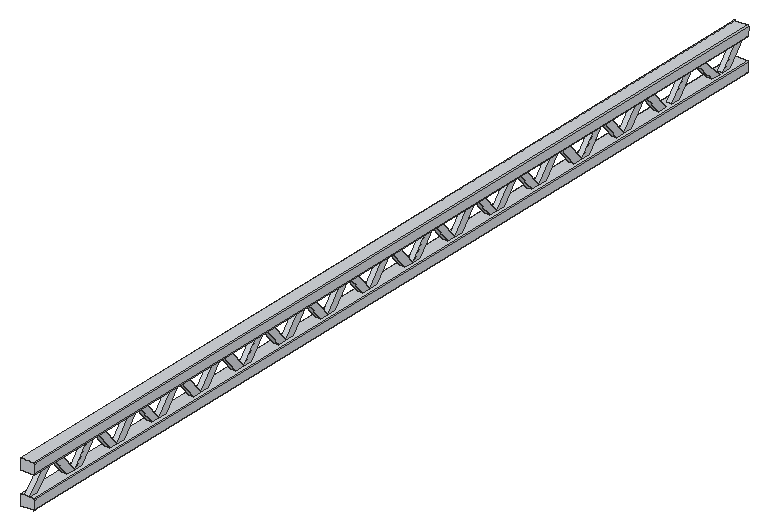
Revit family "GT24Grider5000", category Structural Framing, Revit 2019
Family settings
  Structural Framing Length Roundoff = 0 mm
  Section Shape = Not Defined
  Material for Model Behavior = Other
  Always export as geometry = No
  Work Plane-Based = No
  Always vertical = No
  Cut with Voids When Loaded = No
  Symbolic Representation = From Family
  Shared = No
  Show family pre-cut in plan views = Yes
Reference planes
  plane 1 "Center (Front/Back)": y = 0
  plane 2: z = 0
  plane 3 "Center (Left/Right)": x = 0
Forms (mm)
  Extrusion 1, solid
    sketch origin (-40, -2500, 2440) x (1, 0, 0) y (0, 0, -1)
      loop
        line (5, 0) -> (75, 0)
        arc (75, 0) -> (78.536, 1.464) -> (80, 5) r 5
        line (80, 5) -> (80, 55)
        arc (80, 55) -> (78.536, 58.536) -> (75, 60) r 5
        line (75, 60) -> (5, 60)
        arc (5, 60) -> (1.464, 58.536) -> (0, 55) r 5
        line (0, 55) -> (0, 5)
        arc (0, 5) -> (1.464, 1.464) -> (5, 0) r 5
    from 0 to 5000
  Extrusion 2, solid
    sketch origin (-40, -2500, 2560) x (1, 0, 0) y (0, 0, -1)
      loop
        arc (5, 0) -> (1.464, -1.464) -> (0, -5) r 5
        line (0, -5) -> (0, -55)
        arc (0, -55) -> (1.464, -58.536) -> (5, -60) r 5
        line (5, -60) -> (75, -60)
        arc (75, -60) -> (78.536, -58.536) -> (80, -55) r 5
        line (80, -55) -> (80, -5)
        arc (80, -5) -> (78.536, -1.464) -> (75, 0) r 5
        line (75, 0) -> (5, 0)
    from 0 to 5000
  Extrusion 3, solid
    sketch origin (0, -2500, 2500) x (0, 0, -1) y (0, 1, 0)
      loop
        line (60, 261) -> (60, 311) -> (-60, 213) -> (-60, 163) -> (60, 261)
    from -14 to 14
  Extrusion 4, solid
    sketch origin (0, -1878, 2500) x (0, 0, -1) y (0, 1, 0)
      loop
        line (60, -261) -> (-60, -163) -> (-60, -213) -> (60, -311) -> (60, -261)
    from -14 to 14
  Extrusion 5, solid
    sketch origin (0, -2204, 2500) x (0, 0, -1) y (0, 1, 0)
      loop
        line (60, 261) -> (60, 311) -> (-60, 213) -> (-60, 163) -> (60, 261)
    from -14 to 14
  Extrusion 6, solid
    sketch origin (0, -1908, 2500) x (0, 0, -1) y (0, 1, 0)
      loop
        line (60, 261) -> (60, 311) -> (-60, 213) -> (-60, 163) -> (60, 261)
    from -14 to 14
  Extrusion 7, solid
    sketch origin (0, -1612, 2500) x (0, 0, -1) y (0, 1, 0)
      loop
        line (60, 261) -> (60, 311) -> (-60, 213) -> (-60, 163) -> (60, 261)
    from -14 to 14
  Extrusion 8, solid
    sketch origin (0, -1316, 2500) x (0, 0, -1) y (0, 1, 0)
      loop
        line (60, 261) -> (60, 311) -> (-60, 213) -> (-60, 163) -> (60, 261)
    from -14 to 14
  Extrusion 9, solid
    sketch origin (0, -1020, 2500) x (0, 0, -1) y (0, 1, 0)
      loop
        line (60, 261) -> (60, 311) -> (-60, 213) -> (-60, 163) -> (60, 261)
    from -14 to 14
  Extrusion 10, solid
    sketch origin (0, -724, 2500) x (0, 0, -1) y (0, 1, 0)
      loop
        line (60, 261) -> (60, 311) -> (-60, 213) -> (-60, 163) -> (60, 261)
    from -14 to 14
  Extrusion 11, solid
    sketch origin (0, 2002, 2500) x (0, 0, -1) y (0, 1, 0)
      loop
        line (60, 278) -> (60, 328) -> (-60, 213) -> (-60, 163) -> (60, 278)
    from -14 to 14
  Extrusion 12, solid
    sketch origin (0, -1582, 2500) x (0, 0, -1) y (0, 1, 0)
      loop
        line (60, -261) -> (-60, -163) -> (-60, -213) -> (60, -311) -> (60, -261)
    from -14 to 14
  Extrusion 13, solid
    sketch origin (0, -1286, 2500) x (0, 0, -1) y (0, 1, 0)
      loop
        line (60, -261) -> (-60, -163) -> (-60, -213) -> (60, -311) -> (60, -261)
    from -14 to 14
  Extrusion 14, solid
    sketch origin (0, -990, 2500) x (0, 0, -1) y (0, 1, 0)
      loop
        line (60, -261) -> (-60, -163) -> (-60, -213) -> (60, -311) -> (60, -261)
    from -14 to 14
  Extrusion 15, solid
    sketch origin (0, -694, 2500) x (0, 0, -1) y (0, 1, 0)
      loop
        line (60, -261) -> (-60, -163) -> (-60, -213) -> (60, -311) -> (60, -261)
    from -14 to 14
  Extrusion 16, solid
    sketch origin (0, -398, 2500) x (0, 0, -1) y (0, 1, 0)
      loop
        line (60, -261) -> (-60, -163) -> (-60, -213) -> (60, -311) -> (60, -261)
    from -14 to 14
  Extrusion 17, solid
    sketch origin (0, -102, 2500) x (0, 0, -1) y (0, 1, 0)
      loop
        line (60, -261) -> (-60, -163) -> (-60, -213) -> (60, -311) -> (60, -261)
    from -14 to 14
  Extrusion 18, solid
    sketch origin (0, -2174, 2500) x (0, 0, -1) y (0, 1, 0)
      loop
        line (60, -326) -> (60, -276) -> (-60, -163) -> (-60, -213) -> (60, -326)
    from -14 to 14
  Extrusion 19, solid
    sketch origin (0, -428, 2500) x (0, 0, -1) y (0, 1, 0)
      loop
        line (60, 261) -> (60, 311) -> (-60, 213) -> (-60, 163) -> (60, 261)
    from -14 to 14
  Extrusion 20, solid
    sketch origin (0, 194, 2500) x (0, 0, -1) y (0, 1, 0)
      loop
        line (60, -261) -> (-60, -163) -> (-60, -213) -> (60, -311) -> (60, -261)
    from -14 to 14
  Extrusion 21, solid
    sketch origin (0, -132, 2500) x (0, 0, -1) y (0, 1, 0)
      loop
        line (60, 261) -> (60, 311) -> (-60, 213) -> (-60, 163) -> (60, 261)
    from -14 to 14
  Extrusion 22, solid
    sketch origin (0, 490, 2500) x (0, 0, -1) y (0, 1, 0)
      loop
        line (60, -261) -> (-60, -163) -> (-60, -213) -> (60, -311) -> (60, -261)
    from -14 to 14
  Extrusion 23, solid
    sketch origin (0, 164, 2500) x (0, 0, -1) y (0, 1, 0)
      loop
        line (60, 261) -> (60, 311) -> (-60, 213) -> (-60, 163) -> (60, 261)
    from -14 to 14
  Extrusion 24, solid
    sketch origin (0, 786, 2500) x (0, 0, -1) y (0, 1, 0)
      loop
        line (60, -261) -> (-60, -163) -> (-60, -213) -> (60, -311) -> (60, -261)
    from -14 to 14
  Extrusion 25, solid
    sketch origin (0, 460, 2500) x (0, 0, -1) y (0, 1, 0)
      loop
        line (60, 261) -> (60, 311) -> (-60, 213) -> (-60, 163) -> (60, 261)
    from -14 to 14
  Extrusion 26, solid
    sketch origin (0, 1082, 2500) x (0, 0, -1) y (0, 1, 0)
      loop
        line (60, -261) -> (-60, -163) -> (-60, -213) -> (60, -311) -> (60, -261)
    from -14 to 14
  Extrusion 27, solid
    sketch origin (0, 756, 2500) x (0, 0, -1) y (0, 1, 0)
      loop
        line (60, 261) -> (60, 311) -> (-60, 213) -> (-60, 163) -> (60, 261)
    from -14 to 14
  Extrusion 28, solid
    sketch origin (0, 1378, 2500) x (0, 0, -1) y (0, 1, 0)
      loop
        line (60, -261) -> (-60, -163) -> (-60, -213) -> (60, -311) -> (60, -261)
    from -14 to 14
  Extrusion 29, solid
    sketch origin (0, 1052, 2500) x (0, 0, -1) y (0, 1, 0)
      loop
        line (60, 261) -> (60, 311) -> (-60, 213) -> (-60, 163) -> (60, 261)
    from -14 to 14
  Extrusion 30, solid
    sketch origin (0, 1674, 2500) x (0, 0, -1) y (0, 1, 0)
      loop
        line (60, -261) -> (-60, -163) -> (-60, -213) -> (60, -311) -> (60, -261)
    from -14 to 14
  Extrusion 31, solid
    sketch origin (0, 1348, 2500) x (0, 0, -1) y (0, 1, 0)
      loop
        line (60, 261) -> (60, 311) -> (-60, 213) -> (-60, 163) -> (60, 261)
    from -14 to 14
  Extrusion 32, solid
    sketch origin (0, 1970, 2500) x (0, 0, -1) y (0, 1, 0)
      loop
        line (60, -261) -> (-60, -163) -> (-60, -213) -> (60, -311) -> (60, -261)
    from -14 to 14
  Extrusion 33, solid
    sketch origin (0, 1644, 2500) x (0, 0, -1) y (0, 1, 0)
      loop
        line (60, 261) -> (60, 311) -> (-60, 213) -> (-60, 163) -> (60, 261)
    from -14 to 14
  Extrusion 34, solid
    sketch origin (0, 2306, 2500) x (0, 0, -1) y (0, 1, 0)
      loop
        line (60, -261) -> (-60, -163) -> (-60, -213) -> (60, -311) -> (60, -261)
    from -14 to 14
  Extrusion 35, solid
    sketch origin (0, 2663, 2500) x (0, 0, -1) y (0, 1, 0)
      loop
        line (60, -261) -> (-60, -163) -> (-60, -213) -> (60, -311) -> (60, -261)
    from -14 to 14
Cuts and joins
  joined: Extrusion 1, Extrusion 2, Extrusion 3, Extrusion 4, Extrusion 5, Extrusion 6, Extrusion 7, Extrusion 8, Extrusion 9, Extrusion 10, Extrusion 11, Extrusion 12, Extrusion 13, Extrusion 14, Extrusion 15, Extrusion 16, Extrusion 17, Extrusion 18, Extrusion 19, Extrusion 20, Extrusion 21, Extrusion 22, Extrusion 23, Extrusion 24, Extrusion 25, Extrusion 26, Extrusion 27, Extrusion 28, Extrusion 29, Extrusion 30, Extrusion 31, Extrusion 32, Extrusion 33, Extrusion 34
Dimensions and locks
  aligned and locked: level to plane 2
